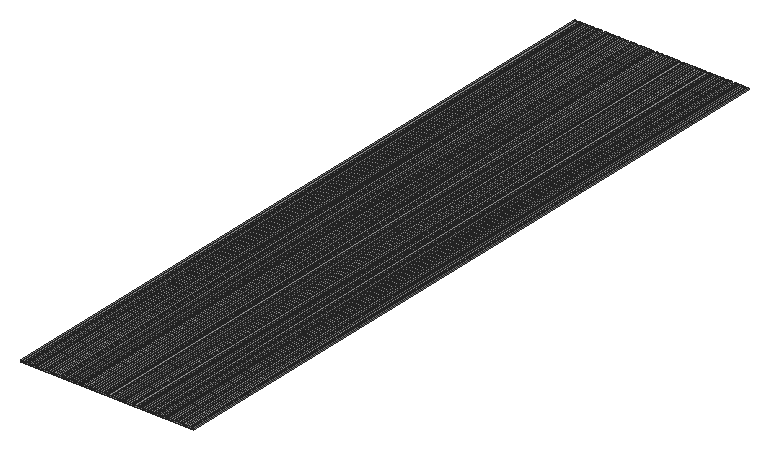
Revit family "111213058021734", category Modelos genéricos, Revit 2018
Family settings
  Puede alojar armadura = No
  Cota de conector redondo = Diámetro de uso
  Tipo de pieza = Normal
  Se basa en plano de trabajo = No
  Siempre vertical = No
  Corte con vacíos al cargar = No
  Compartido = No
  Punto de cálculo de habitación = No
Parameters (values of type "DESCANSO NEO PVC 300MM GRIS TIRA 1.20")
  Ventajas = "Autoextinguible"
  Uso = "Es un producto que se instala en los descansos de las escaleras, es una solución\r\nfabricada en PVC, ideal para zonas de medio y alto trafico, con estrías antideslizantes.\r\nIdeal para: Edificios Públicos y Privados, Colegios, Universidades, Centros comerciales,\r\nAeropuertos, Hoteles, Edificios Habitacionales, entre otros."
  Unidad = "Tiras de 1.20 Mts y 3.00 Mts."
  URL = "https://www.empresascnp.cl/"
  Num SKUs = "111213058021734"
  Nombre SKU = "DESCANSO NEO PVC 300MM GRIS TIRA 1.2MT"
  Modelo = "DESCANSO NEO PVC 300MM"
  Material = PVC flexible gris
  Url Ficha tecnica = "https://empresascnp.cl/wp-content/uploads//pdf/ficha-tecnica-descanso-neo-pvc-300mm-negro-tira-3mt.pdf"
  Largo = 1200.00 mm
  Espesor = 2.00 mm
  Empresa = "CNP SPA."
  Dureza = "80 shore A"
  Dimension = 300.00 mm
  Descripción = "Grada Neo 300x50 MM."
  Contacto = "info@empresascnp.cl"
  Color = "GRIS"
  Aplicacion = "Escaleras"
  Alto = 50.00 mm
Reference planes
  plane 1 "Center F/B": y = 0
  plane 2: z = 0
  plane 3 "Center L/R": x = 0
  plane 4: z = -50
  plane 5 "2": y = 600
  plane 6 "3": y = -600
  plane 7: x = 300
  plane 8: z = -2
  plane 9 "4": x = 2
Forms (mm)
  Extrusion 1, solid, material "PVC flexible gris" <- "Material"
    sketch origin (0, 0, 0) x (1, 0, 0) y (0, 0, 1)
      loop
        line (300, -0.79) -> (299, -0.79) -> (299, 0) -> (297, 0) -> (297, -0.79) -> (296, -0.79) -> (296, 0) -> (294, 0) -> (294, -0.79) -> (293, -0.79) -> (293, 0) -> (291, 0) -> (291, -0.79) -> (287, -0.79) -> (287, 0) -> (285, 0) -> (285, -0.79) -> (284, -0.79) -> (284, 0) -> (282, 0) -> (282, -0.79) -> (281, -0.79) -> (281, 0) -> (279, 0) -> (279, -0.79) -> (278, -0.79) -> (278, 0) -> (276, 0) -> (276, -0.79) -> (272, -0.79) -> (272, 0) -> (270, 0) -> (270, -0.79) -> (269, -0.79) -> (269, 0) -> (267, 0) -> (267, -0.79) -> (266, -0.79) -> (266, 0) -> (264, 0) -> (264, -0.79) -> (263, -0.79) -> (263, 0) -> (261, 0) -> (261, -0.79) -> (257, -0.79) -> (257, 0) -> (255, 0) -> (255, -0.79) -> (254, -0.79) -> (254, 0) -> (252, 0) -> (252, -0.79) -> (251, -0.79) -> (251, 0) -> (249, 0) -> (249, -0.79) -> (248, -0.79) -> (248, 0) -> (246, 0) -> (246, -0.79) -> (242, -0.79) -> (242, 0) -> (240, 0) -> (240, -0.79) -> (239, -0.79) -> (239, 0) -> (237, 0) -> (237, -0.79) -> (236, -0.79) -> (236, 0) -> (234, 0) -> (234, -0.79) -> (233, -0.79) -> (233, 0) -> (231, 0) -> (231, -0.79) -> (227, -0.79) -> (227, 0) -> (225, 0) -> (225, -0.79) -> (224, -0.79) -> (224, 0) -> (222, 0) -> (222, -0.79) -> (221, -0.79) -> (221, 0) -> (219, 0) -> (219, -0.79) -> (218, -0.79) -> (218, 0) -> (216, 0) -> (216, -0.79) -> (212, -0.79) -> (212, 0) -> (210, 0) -> (210, -0.79) -> (209, -0.79) -> (209, 0) -> (207, 0) -> (207, -0.79) -> (206, -0.79) -> (206, 0) -> (204, 0) -> (204, -0.79) -> (203, -0.79) -> (203, 0) -> (201, 0) -> (201, -0.79) -> (197, -0.79) -> (197, 0) -> (195, 0) -> (195, -0.79) -> (194, -0.79) -> (194, 0) -> (192, 0) -> (192, -0.79) -> (191, -0.79) -> (191, 0) -> (189, 0) -> (189, -0.79) -> (188, -0.79) -> (188, 0) -> (186, 0) -> (186, -0.79) -> (182, -0.79) -> (182, 0) -> (180, 0) -> (180, -0.79) -> (179, -0.79) -> (179, 0) -> (177, 0) -> (177, -0.79) -> (176, -0.79) -> (176, 0) -> (174, 0) -> (174, -0.79) -> (173, -0.79) -> (173, 0) -> (171, 0) -> (171, -0.79) -> (167, -0.79) -> (167, 0) -> (165, 0) -> (165, -0.79) -> (164, -0.79) -> (164, 0) -> (162, 0) -> (162, -0.79) -> (161, -0.79) -> (161, 0) -> (159, 0) -> (159, -0.79) -> (158, -0.79) -> (158, 0) -> (156, 0) -> (156, -0.79) -> (152, -0.79) -> (152, 0) -> (150, 0) -> (150, -0.79) -> (149, -0.79) -> (149, 0) -> (147, 0) -> (147, -0.79) -> (146, -0.79) -> (146, 0) -> (144, 0) -> (144, -0.79) -> (143, -0.79) -> (143, 0) -> (141, 0) -> (141, -0.79) -> (137, -0.79) -> (137, 0) -> (135, 0) -> (135, -0.79) -> (134, -0.79) -> (134, 0) -> (132, 0) -> (132, -0.79) -> (131, -0.79) -> (131, 0) -> (129, 0) -> (129, -0.79) -> (128, -0.79) -> (128, 0) -> (126, 0) -> (126, -0.79) -> (122, -0.79) -> (122, 0) -> (120, 0) -> (120, -0.79) -> (119, -0.79) -> (119, 0) -> (117, 0) -> (117, -0.79) -> (116, -0.79) -> (116, 0) -> (114, 0) -> (114, -0.79) -> (113, -0.79) -> (113, 0) -> (111, 0) -> (111, -0.79) -> (107, -0.79) -> (107, 0) -> (105, 0) -> (105, -0.79) -> (104, -0.79) -> (104, 0) -> (102, 0) -> (102, -0.79) -> (101, -0.79) -> (101, 0) -> (99, 0) -> (99, -0.79) -> (98, -0.79) -> (98, 0) -> (96, 0) -> (96, -0.79) -> (92, -0.79) -> (92, 0) -> (90, 0) -> (90, -0.79) -> (89, -0.79) -> (89, 0) -> (87, 0) -> (87, -0.79) -> (86, -0.79) -> (86, 0) -> (84, 0) -> (84, -0.79) -> (83, -0.79) -> (83, 0) -> (81, 0) -> (81, -0.79) -> (77, -0.79) -> (77, 0) -> (75, 0) -> (75, -0.79) -> (74, -0.79) -> (74, 0) -> (72, 0) -> (72, -0.79) -> (71, -0.79) -> (71, 0) -> (69, 0) -> (69, -0.79) -> (68, -0.79) -> (68, 0) -> (66, 0) -> (66, -0.79) -> (62, -0.79) -> (62, 0) -> (60, 0) -> (60, -0.79) -> (59, -0.79) -> (59, 0) -> (57, 0) -> (57, -0.79) -> (56, -0.79) -> (56, 0) -> (54, 0) -> (54, -0.79) -> (53, -0.79) -> (53, 0) -> (51, 0) -> (51, -0.79) -> (47, -0.79) -> (47, 0) -> (45, 0) -> (45, -0.79) -> (44, -0.79) -> (44, 0) -> (42, 0) -> (42, -0.79) -> (41, -0.79) -> (41, 0) -> (39, 0) -> (39, -0.79) -> (38, -0.79) -> (38, 0) -> (36, 0) -> (36, -0.79) -> (32, -0.79) -> (32, 0) -> (30, 0) -> (30, -0.79) -> (29, -0.79) -> (29, 0) -> (27, 0) -> (27, -0.79) -> (26, -0.79) -> (26, 0) -> (24, 0) -> (24, -0.79) -> (23, -0.79) -> (23, 0) -> (21, 0) -> (21, -0.79) -> (17, -0.79) -> (17, 0) -> (15, 0) -> (15, -0.79) -> (14, -0.79) -> (14, 0) -> (12, 0) -> (12, -0.79) -> (11, -0.79) -> (11, 0) -> (9, 0) -> (9, -0.79) -> (8, -0.79) -> (8, 0) -> (6, 0) -> (6, -0.79) -> (2, -0.79) -> (2, 0) -> (0, 0) -> (0, -2) -> (300, -2) -> (300, -0.79)
    from -600 to 600
Dimensions and locks
  "Alto": level to plane 4
  equal spacing: plane 6 "3", plane 1 "Center F/B", plane 5 "2"
  "Largo": plane 6 "3" to plane 5 "2"
  "Dimension": plane 7 to plane 3 "Center L/R"
  "Espesor": plane 2 to Extrusion 1 sketch curve
  aligned and locked: plane 6 "3" to Extrusion 1
  aligned and locked: Extrusion 1 to plane 5 "2"
  aligned and locked: Extrusion 1 sketch curve to plane 7
Automatic sketch dimensions
  Extrusion 1 sketch curve to level = 0.00 mm  (x80)
  Extrusion 1 sketch curve to plane 3 "Center L/R" = 0.00 mm
  Extrusion 1 sketch curve to plane 9 "4" = 0.00 mm
  plane 9 "4" to Extrusion 1 sketch curve = 4.00 mm
  Extrusion 1 sketch curve to Extrusion 1 sketch curve = 2.00 mm  (x78)
  Extrusion 1 sketch curve to Extrusion 1 sketch curve = 1.00 mm  (x59)
  Extrusion 1 sketch curve to level = 0.79 mm  (x77)
  Extrusion 1 sketch curve to Extrusion 1 sketch curve = 4.00 mm  (x19)
  Extrusion 1 sketch curve to plane 7 = 1.00 mm
  Extrusion 1 sketch curve to Extrusion 1 sketch curve = 0.79 mm  (x3)
